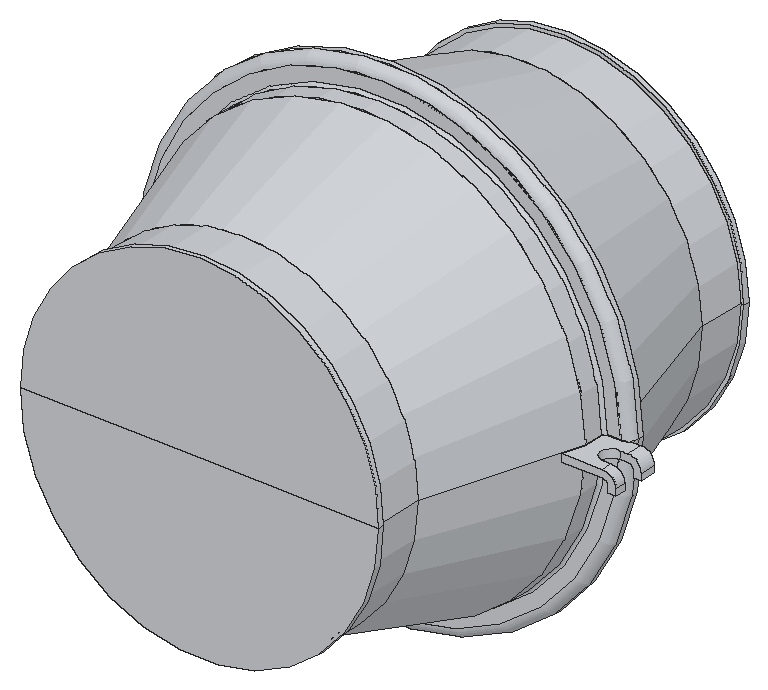
Revit family "25DSF", category Mechanical Equipment, Revit 2024
Family settings
  Round Connector Dimension = Use Diameter
  Part Type = Normal
  OmniClass Number = 23.75.00.00
  OmniClass Title = Climate Control (HVAC)
  Work Plane-Based = No
  Always vertical = Yes
  Cut with Voids When Loaded = No
  Maintain Annotation Orientation = No
  Shared = No
  Room Calculation Point = No
Parameters
  Default Elevation = 0 mm
Reference planes
  plane 1 "Center (Front/Back)": y = 0
  plane 2: z = 0
  plane 3 "Center (Left/Right)": x = 0
Forms (mm)
  Revolve 1, solid
    sketch origin (0, 0, 0) x (1, 0, 0) y (0, 1, 0)
      loop
        line (0, 130) -> (0, -1.646) -> (134.24, -1.646)
        arc (134.24, -1.646) -> (138.313, 0.041) -> (140, 4.114) r 5.76
        line (140, 4.114) -> (140, 6.857) -> (125, 6.857) -> (125, 14.639) -> (99, 100) -> (99, 127) -> (101, 127) -> (101, 130) -> (0, 130)
      axis (0, 130) -> (0, -1.646)
    angle from 0 to 360
  Revolve 2, solid
    sketch origin (0, 0, 0) x (1, 0, 0) y (0, 1, 0)
      loop
        line (126.575, -1.646) -> (0, -1.646) -> (0, -130) -> (101, -130) -> (101, -127) -> (99, -127) -> (99, -100) -> (125, -14.639) -> (125, -3.6)
        arc (125, -3.6) -> (125.443, -2.345) -> (126.575, -1.646) r 2
      axis (0, -1.646) -> (0, -130)
    angle from 0 to 360
  Extrusion 3, solid
    sketch origin (0, 0, 0) x (1, 0, 0) y (0, 0, 1)
      loop
        line (113.712, -4.389) -> (144.877, -4.389)
        arc (144.877, -4.389) -> (146.811, -5.195) -> (147.611, -7.131) r 2.743
        line (147.611, -7.131) -> (147.611, -10.971) -> (152, -10.971) -> (152, -7.41)
        arc (152, -7.41) -> (149.832, -2.17) -> (144.594, 0) r 7.406
        line (144.594, 0) -> (113.563, 0)
        arc (113.563, 0) -> (107.539, -2.496) -> (105.053, -8.525) r 8.503
        line (105.053, -8.525) -> (105.053, -13.257) -> (105.698, -16) -> (109.964, -16) -> (109.319, -13.255) -> (109.319, -8.808)
        arc (109.319, -8.808) -> (110.595, -5.683) -> (113.712, -4.389) r 4.389
    from 0 to 27
  Extrusion 4, solid
    sketch origin (0, 0, 0) x (-1, 0, 0) y (0, 0, -1)
      loop
        arc (113.712, 4.389) -> (110.595, 5.683) -> (109.319, 8.808) r 4.389
        line (109.319, 8.808) -> (109.319, 13.255) -> (109.964, 16) -> (105.698, 16) -> (105.053, 13.257) -> (105.053, 8.525)
        arc (105.053, 8.525) -> (107.539, 2.496) -> (113.563, 0) r 8.503
        line (113.563, 0) -> (144.594, 0)
        arc (144.594, 0) -> (149.832, 2.17) -> (152, 7.41) r 7.406
        line (152, 7.41) -> (152, 10.971) -> (147.611, 10.971) -> (147.611, 7.131)
        arc (147.611, 7.131) -> (146.811, 5.195) -> (144.877, 4.389) r 2.743
        line (144.877, 4.389) -> (113.712, 4.389)
    from 0 to 27
  Extrusion 5, void
    sketch origin (0, 0, 0) x (1, 0, 0) y (0, 1, 0)
      loop
        line (-152, -9) -> (-152, -21) -> (-140, -21)
        arc (-140, -21) -> (-134, -15) -> (-140, -9) r 6
        line (-140, -9) -> (-152, -9)
    from 0.296 to -10.971
  Extrusion 6, void
    sketch origin (0, 0, 0) x (-1, 0, 0) y (0, -1, 0)
      loop
        line (-152, 9) -> (-140, 9)
        arc (-140, 9) -> (-134, 15) -> (-140, 21) r 6
        line (-140, 21) -> (-152, 21) -> (-152, 9)
    from 0.29 to -10.971
Cuts and joins
  Extrusion 5, Extrusion 6 cuts Extrusion 4
  Extrusion 6 cuts Extrusion 3
Dimensions and locks
  aligned and locked: level to plane 2
Connectors
  hvac at (0, 130, 0)
    settings: on Revolve 1, index 1, duct flow 0.0 L/s, flow factor 0, pres drop 0.0 Pa, loss coef 0, conn angle 0.00°, conn width 304.8 mm, conn height 304.8 mm, conn diameter 200 mm, duct sys type 1, conn prof type 0, flow config 0, flow direction 0, loss method 0, conn ref index -1, conn util no, is conn primary yes, conn desc ""
  hvac at (0, -127, 0)
    settings: on Revolve 2, index 2, duct flow 0.0 L/s, flow factor 0, pres drop 0.0 Pa, loss coef 0, conn angle 0.00°, conn width 304.8 mm, conn height 304.8 mm, conn diameter 200 mm, duct sys type 1, conn prof type 0, flow config 0, flow direction 0, loss method 0, conn ref index -1, conn util no, is conn primary no, conn desc ""
